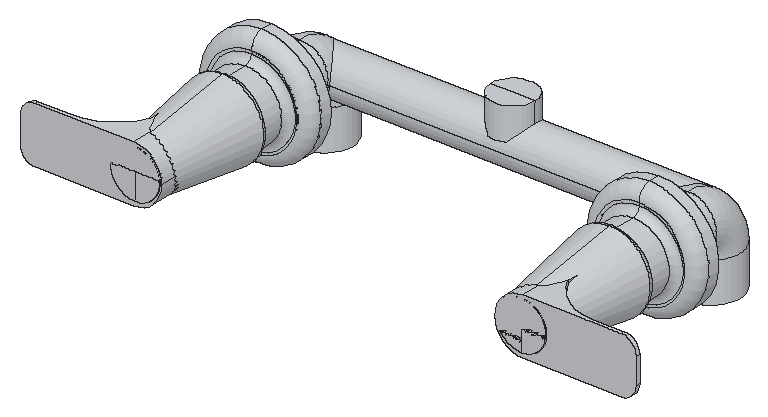
Revit family "CA4060001_Mezclador Ducha Cascade 8 pulgadas palanca", category Plumbing Fixtures, Revit 2019
Family settings
  Round Connector Dimension = Use Diameter
  Part Type = Normal
  OmniClass Number = 23.21.21.19
  OmniClass Title = Commercial Dishwasher Equipment
  Work Plane-Based = No
  Always vertical = Yes
  Cut with Voids When Loaded = No
  Shared = No
  Room Calculation Point = No
Parameters
  Uso = "Residencial"  # constant formula
  URL = "https://corona.co/productos/griferias/mezclador-ducha-cascade-8-pulgadas-palanca/p/CA4060001"
  Tecnologías = "DuraCrome"  # constant formula
  Resistencia = "Resistente a la corrosión pelado y decoloración por agua"  # constant formula
  Materiales = "Polímero de alta ingeniería, Metal"  # constant formula
  Material = Corona_Cromado
  Línea = "Cascade"  # constant formula
  Largo = "13.8 cm"  # constant formula
  Incluye = "Cuerpo mezclador, manijas"  # constant formula
  Garantías de otros componentes = "5 años en acabados"  # constant formula
  Garantía = "30 años en estructura"  # constant formula
  Description = "La línea de griferías y accesorios Cascade se inspira en la fluidez natural del agua. Además, cuenta con tecnología DuraCrome ¡Lee más sobre sus características!"  # constant formula
  Colección = "Cascade"  # constant formula
  Ancho = "6.5 cm"  # constant formula
  Alto = "6 cm"  # constant formula
  Acabado = "Cromado"  # constant formula
Reference planes
  plane 1 "Center (Front/Back)": y = 0
  plane 2: z = 0
  plane 3 "Center (Left/Right)": x = 0
  plane 4: x = -162.54
  plane 5: x = 162.54
  plane 6: z = 0
Forms (mm)
  Revolve 1, solid, detail levels medium+fine
    sketch origin (-102.5, 0, -21.584) x (0, 1, 0) y (0, 0, 1)
      loop
        line (0, 31.812) -> (-6.102, 31.812)
        arc (-6.102, 31.812) -> (-11.052, 29.762) -> (-13.102, 24.812) r 7
        line (-13.102, 24.812) -> (-13.102, 23.391)
        arc (-13.102, 23.391) -> (-14.273, 20.563) -> (-17.102, 19.391) r 4
        line (-17.102, 19.391) -> (-30.398, 19.391) -> (-30.398, 0.625) -> (0, 0.625) -> (0, 31.812)
      axis (0, 0.625) -> (-30.398, 0.625)
    angle from 0 to 360
  Revolve 2, solid, detail levels medium+fine
    sketch origin (-102.186, 0, 0) x (0, 1, 0) y (0, 0, 1)
      loop
        line (-30.398, -20.959) -> (-30.398, -1.294)
        arc (-30.398, -1.294) -> (-31.028, 0.138) -> (-32.51, 0.641) r 1.943
        arc (-32.51, 0.641) -> (-61.645, -2.795) -> (-90.521, -7.978) r 487.163
        line (-90.521, -7.978) -> (-90.521, -20.959) -> (-30.398, -20.959)
      axis (-30.398, -20.959) -> (-90.521, -20.959)
    angle from 0 to 360
  Extrusion 3, solid, detail levels medium+fine
    sketch origin (-2.109, 0, 0.625) x (1, 0, 0) y (0, 0, 1)
      loop
        arc (-152.756, -6.99) -> (-158.413, -9.333) -> (-160.756, -14.99) r 8
        line (-160.756, -14.99) -> (-160.756, -28.99)
        arc (-160.756, -28.99) -> (-158.413, -34.647) -> (-152.756, -36.99) r 8
        line (-152.756, -36.99) -> (-100.852, -36.99)
        arc (-100.852, -36.99) -> (-90.245, -32.597) -> (-85.852, -21.99) r 15
        arc (-85.852, -21.99) -> (-90.245, -11.383) -> (-100.852, -6.99) r 15
        line (-100.852, -6.99) -> (-152.756, -6.99)
    from 63.972 to 90.521
  Extrusion 4, void
    sketch origin (0, 0, 0) x (1, 0, 0) y (0, 1, 0)
      loop
        line (-117.589, -57.113) -> (-165.065, -57.113) -> (-163.645, -88.631) -> (-138.208, -88.631)
        arc (-138.208, -88.631) -> (-121.285, -83.489) -> (-110.083, -69.802) r 30.419
        line (-110.083, -69.802) -> (-110.083, -57.113) -> (-117.589, -57.113)
    from -46.453 to 10.149
  Revolve 5, solid, detail levels medium+fine
    sketch origin (-102.5, 0, 0.233) x (0, 1, 0) y (0, 0, 1)
      loop
        line (0, -6.88) -> (0, -20.88) -> (11.167, -20.88) -> (11.167, -6.88) -> (0, -6.88)
      axis (0, -20.88) -> (11.167, -20.88)
    angle from 0 to 360
  Sweep 6, solid, detail levels medium+fine
    path origin (0, 0, 0.109) x (0, 1, 0) y (0, 0, 1)
      loop
        line (11.167, -20.647) -> (18.838, -20.647)
        arc (18.838, -20.647) -> (30.151, -25.333) -> (34.838, -36.647) r 16
        line (34.838, -36.647) -> (34.838, -58.034)
    profile origin (0, 15.002, -20.538) x (0, 0, 1) y (1, 0, 0)
      loop
        circle (0, -102.5) r 15
  Revolve 7, solid, detail levels medium+fine
    sketch origin (102.5, 0, -21.584) x (0, 1, 0) y (0, 0, -1)
      loop
        line (0, -31.812) -> (0, -0.625) -> (-30.398, -0.625) -> (-30.398, -19.391) -> (-17.102, -19.391)
        arc (-17.102, -19.391) -> (-14.273, -20.563) -> (-13.102, -23.391) r 4
        line (-13.102, -23.391) -> (-13.102, -24.812)
        arc (-13.102, -24.812) -> (-11.052, -29.762) -> (-6.102, -31.812) r 7
        line (-6.102, -31.812) -> (0, -31.812)
      axis (0, -0.625) -> (-30.398, -0.625)
    angle from 0 to 360
  Revolve 8, solid, detail levels medium+fine
    sketch origin (102.186, 0, 0) x (0, 1, 0) y (0, 0, -1)
      loop
        line (-30.398, 20.959) -> (-90.521, 20.959) -> (-90.521, 7.978)
        arc (-90.521, 7.978) -> (-61.645, 2.795) -> (-32.51, -0.641) r 487.163
        arc (-32.51, -0.641) -> (-31.028, -0.138) -> (-30.398, 1.294) r 1.943
        line (-30.398, 1.294) -> (-30.398, 20.959)
      axis (-30.398, 20.959) -> (-90.521, 20.959)
    angle from 0 to 360
  Extrusion 9, solid, detail levels medium+fine
    sketch origin (2.109, 0, 0.625) x (-1, 0, 0) y (0, 0, -1)
      loop
        line (-152.756, 6.99) -> (-100.852, 6.99)
        arc (-100.852, 6.99) -> (-90.245, 11.383) -> (-85.852, 21.99) r 15
        arc (-85.852, 21.99) -> (-90.245, 32.597) -> (-100.852, 36.99) r 15
        line (-100.852, 36.99) -> (-152.756, 36.99)
        arc (-152.756, 36.99) -> (-158.413, 34.647) -> (-160.756, 28.99) r 8
        line (-160.756, 28.99) -> (-160.756, 14.99)
        arc (-160.756, 14.99) -> (-158.413, 9.333) -> (-152.756, 6.99) r 8
    from 63.972 to 90.521
  Revolve 10, solid, detail levels medium+fine
    sketch origin (102.5, 0, 0.233) x (0, 1, 0) y (0, 0, -1)
      loop
        line (0, 6.88) -> (11.167, 6.88) -> (11.167, 20.88) -> (0, 20.88) -> (0, 6.88)
      axis (0, 20.88) -> (11.167, 20.88)
    angle from 0 to 360
  Sweep 11, solid, detail levels medium+fine
    path origin (0, 0, 0.109) x (0, 1, 0) y (0, 0, -1)
      loop
        line (11.167, 20.647) -> (18.838, 20.647)
        arc (18.838, 20.647) -> (30.151, 25.333) -> (34.838, 36.647) r 16
        line (34.838, 36.647) -> (34.838, 58.034)
    profile origin (0, 15.002, -20.538) x (0, 0, -1) y (-1, 0, 0)
      loop
        circle (0, -102.5) r 15
  Extrusion 12, solid, detail levels medium+fine
    sketch origin (0, 0, 0) x (0, 1, 0) y (0, 0, 1)
      loop
        circle (31.39, -22.426) r 12
    from -100.937 to 99.736
  Revolve 13, solid, detail levels medium+fine
    sketch origin (0, 31.367, 0) x (1, 0, 0) y (0, 0, 1)
      loop
        line (0, 0) -> (-11.774, 0) -> (-11.774, -17.306) -> (0, -17.306) -> (0, 0)
      axis (0, 0) -> (0, -17.306)
    angle from 0 to 360
  Extrusion 14, void
    sketch origin (0, 0, 0) x (-1, 0, 0) y (0, -1, 0)
      loop
        line (-117.589, 57.113) -> (-110.083, 57.113) -> (-110.083, 69.802)
        arc (-110.083, 69.802) -> (-121.285, 83.489) -> (-138.208, 88.631) r 30.419
        line (-138.208, 88.631) -> (-163.645, 88.631) -> (-165.065, 57.113) -> (-117.589, 57.113)
    from -46.453 to 10.149
  Extrusion 15, solid, detail levels coarse
    sketch origin (0, 0, 0) x (1, 0, 0) y (0, 1, 0)
      loop
        line (-162.865, 49.479) -> (-162.865, -95.863) -> (162.865, -95.863) -> (162.865, 49.479) -> (-162.865, 49.479)
    from -57.925 to 10.792
Cuts and joins
  Extrusion 4, Extrusion 14 cuts Extrusion 3
  Extrusion 14 cuts Revolve 2
  Extrusion 14 cuts Extrusion 9
Dimensions and locks
  equal spacing: plane 4, plane 3 "Center (Left/Right)", plane 5
  plane 4 to plane 5 = 325.08 mm
  aligned and locked: level to plane 2
  aligned and locked: Extrusion 3 to Revolve 2
  aligned and locked: Sweep 6 to Revolve 5
  aligned and locked: Revolve 8 to Extrusion 9
  aligned and locked: Revolve 10 to Sweep 11
  aligned and locked: level to plane 6
Automatic sketch dimensions
  Revolve 1 sketch curve to plane 1 "Center (Front/Back)" = 0 mm
  plane 1 "Center (Front/Back)" to Revolve 1 sketch curve = 6.102 mm
  level to Revolve 1 sketch curve = 1.807 mm
  Revolve 1 sketch curve to Revolve 1 sketch curve = 7 mm
  Revolve 1 sketch curve to Revolve 1 sketch curve = 4 mm
  Revolve 1 sketch curve to Revolve 1 sketch curve = 13.296 mm
  Revolve 1 sketch curve to level = 20.959 mm
  Revolve 1 sketch curve to Revolve 1 sketch curve = 1.421 mm
  Revolve 1 sketch curve to Revolve 1 sketch curve = 12.153 mm
  Revolve 1 sketch curve to plane 1 "Center (Front/Back)" = 3.856 mm
  Revolve 1 sketch curve to Revolve 1 sketch curve = 0 mm
  Revolve 2 sketch curve to level = 20.959 mm
  plane 1 "Center (Front/Back)" to Revolve 2 sketch curve = 90.521 mm
  Revolve 2 sketch curve to level = 1.294 mm
  plane 1 "Center (Front/Back)" to Revolve 2 sketch curve = 32.341 mm
  Revolve 2 sketch curve to Revolve 2 sketch curve = 1.943 mm
  Revolve 2 sketch curve to plane 1 "Center (Front/Back)" = 9.949 mm
  Revolve 2 sketch curve to Revolve 2 sketch curve = 463.709 mm
  Revolve 2 sketch curve to level = 7.978 mm
  Revolve 2 sketch curve to Revolve 2 sketch curve = 14.498 mm
  Revolve 2 sketch curve to Revolve 2 sketch curve = 7.05 mm
  Revolve 2 sketch curve to Revolve 2 sketch curve = 0 mm
  Extrusion 3 sketch curve to Extrusion 3 sketch curve = 0 mm  (x2)
  plane 4 to Extrusion 3 sketch curve = 0.325 mm
  Extrusion 3 sketch curve to plane 4 = 7.674 mm
  Extrusion 3 sketch curve to plane 4 = 7.675 mm
  Extrusion 3 sketch curve to level = 6.365 mm
  Extrusion 3 sketch curve to Extrusion 3 sketch curve = 51.904 mm
  Extrusion 3 sketch curve to Extrusion 3 sketch curve = 15 mm
  plane 4 to Extrusion 4 sketch curve = 2.525 mm
  plane 4 to Extrusion 4 sketch curve = 1.105 mm
  Extrusion 4 sketch curve to plane 4 = 24.332 mm
  Extrusion 4 sketch curve to Extrusion 4 sketch curve = 20.619 mm
  Extrusion 4 sketch curve to Extrusion 4 sketch curve = 7.506 mm
  plane 1 "Center (Front/Back)" to Extrusion 4 sketch curve = 88.631 mm
  Extrusion 4 sketch curve to Extrusion 4 sketch curve = 18.829 mm
  Extrusion 4 sketch curve to Extrusion 4 sketch curve = 12.689 mm
  Revolve 5 sketch curve to plane 1 "Center (Front/Back)" = 0 mm
  Revolve 5 sketch curve to plane 1 "Center (Front/Back)" = 11.167 mm
  Revolve 5 sketch curve to level = 20.647 mm
  Revolve 5 sketch curve to level = 6.647 mm
  Revolve 5 sketch curve to plane 1 "Center (Front/Back)" = 3.055 mm
  Revolve 5 sketch curve to Revolve 5 sketch curve = 6.888 mm
  Revolve 5 sketch curve to Revolve 5 sketch curve = 0 mm
  Sweep 6 sketch curve to plane 1 "Center (Front/Back)" = 18.838 mm
  Sweep 6 sketch curve to Sweep 6 sketch curve = 16 mm
  Sweep 6 sketch curve to level = 36.538 mm
  Sweep 6 sketch curve to Sweep 6 sketch curve = 7.67 mm
  Sweep 6 sketch curve to Sweep 6 sketch curve = 21.387 mm
  Sweep 6 sketch curve to profile plane = 0 mm
  Sweep 6 sketch curve to plane 3 "Center (Left/Right)" = 102.5 mm
  Revolve 7 sketch curve to plane 1 "Center (Front/Back)" = 0 mm
  plane 1 "Center (Front/Back)" to Revolve 7 sketch curve = 6.102 mm
  level to Revolve 7 sketch curve = 1.807 mm
  Revolve 7 sketch curve to Revolve 7 sketch curve = 7 mm
  Revolve 7 sketch curve to Revolve 7 sketch curve = 4 mm
  Revolve 7 sketch curve to Revolve 7 sketch curve = 13.296 mm
  Revolve 7 sketch curve to Revolve 7 sketch curve = 1.421 mm
  Revolve 7 sketch curve to level = 20.959 mm
  Revolve 7 sketch curve to Revolve 7 sketch curve = 12.153 mm
  Revolve 7 sketch curve to plane 1 "Center (Front/Back)" = 3.856 mm
  Revolve 7 sketch curve to Revolve 7 sketch curve = 0 mm
  Revolve 8 sketch curve to level = 20.959 mm
  plane 1 "Center (Front/Back)" to Revolve 8 sketch curve = 90.521 mm
  Revolve 8 sketch curve to level = 1.294 mm
  plane 1 "Center (Front/Back)" to Revolve 8 sketch curve = 32.341 mm
  Revolve 8 sketch curve to Revolve 8 sketch curve = 1.943 mm
  Revolve 8 sketch curve to plane 1 "Center (Front/Back)" = 9.949 mm
  Revolve 8 sketch curve to level = 7.978 mm
  Revolve 8 sketch curve to Revolve 8 sketch curve = 463.709 mm
  Revolve 8 sketch curve to Revolve 8 sketch curve = 14.498 mm
  Revolve 8 sketch curve to Revolve 8 sketch curve = 7.05 mm
  Revolve 8 sketch curve to Revolve 8 sketch curve = 0 mm
  Extrusion 9 sketch curve to Extrusion 9 sketch curve = 0 mm  (x2)
  Extrusion 9 sketch curve to plane 5 = 0.325 mm
  plane 5 to Extrusion 9 sketch curve = 7.674 mm
  plane 5 to Extrusion 9 sketch curve = 7.675 mm
  level to Extrusion 9 sketch curve = 6.365 mm
  Extrusion 9 sketch curve to Extrusion 9 sketch curve = 51.904 mm
  Extrusion 9 sketch curve to Extrusion 9 sketch curve = 15 mm
  Revolve 10 sketch curve to plane 1 "Center (Front/Back)" = 0 mm
  Revolve 10 sketch curve to plane 1 "Center (Front/Back)" = 11.167 mm
  Revolve 10 sketch curve to level = 6.647 mm
  Revolve 10 sketch curve to Revolve 10 sketch curve = 14 mm
  Revolve 10 sketch curve to plane 1 "Center (Front/Back)" = 3.055 mm
  Revolve 10 sketch curve to Revolve 10 sketch curve = 6.888 mm
  Revolve 10 sketch curve to Revolve 10 sketch curve = 0 mm
  Sweep 11 sketch curve to plane 1 "Center (Front/Back)" = 18.838 mm
  Sweep 11 sketch curve to Sweep 11 sketch curve = 16 mm
  Sweep 11 sketch curve to level = 20.538 mm
  Sweep 11 sketch curve to Sweep 11 sketch curve = 7.67 mm
  Sweep 11 sketch curve to Sweep 11 sketch curve = 21.387 mm
  Sweep 11 sketch curve to profile plane = 0 mm
  Sweep 11 sketch curve to profile plane = 102.5 mm
  Extrusion 12 sketch curve to plane 1 "Center (Front/Back)" = 31.39 mm
  Extrusion 12 sketch curve to level = 22.426 mm
  Revolve 13 sketch curve to level = 0 mm
  Revolve 13 sketch curve to plane 3 "Center (Left/Right)" = 0 mm  (x2)
  Revolve 13 sketch curve to plane 3 "Center (Left/Right)" = 11.774 mm
  Revolve 13 sketch curve to level = 17.306 mm
  Revolve 13 sketch curve to Revolve 13 sketch curve = 8.186 mm
  level to Revolve 13 sketch curve = 11.847 mm
  Extrusion 14 sketch curve to plane 5 = 2.525 mm
  Extrusion 14 sketch curve to plane 5 = 1.105 mm
  plane 5 to Extrusion 14 sketch curve = 24.332 mm
  Extrusion 14 sketch curve to Extrusion 14 sketch curve = 20.619 mm
  Extrusion 14 sketch curve to Extrusion 14 sketch curve = 7.506 mm
  Extrusion 14 sketch curve to plane 1 "Center (Front/Back)" = 88.631 mm
  Extrusion 14 sketch curve to Extrusion 14 sketch curve = 18.829 mm
  Extrusion 14 sketch curve to Extrusion 14 sketch curve = 12.689 mm
  plane 4 to Extrusion 15 sketch curve = 0.325 mm
  plane 5 to Extrusion 15 sketch curve = 0.325 mm
  plane 1 "Center (Front/Back)" to Extrusion 15 sketch curve = 95.863 mm
  Extrusion 15 sketch curve to plane 1 "Center (Front/Back)" = 49.479 mm
  radius of Sweep 6 sketch curve = 15 mm
  radius of Sweep 11 sketch curve = 15 mm
  radius of Extrusion 12 sketch curve = 12 mm
Nested families
  nested 1: "Family2" at (0, 0, 0) x (1, 0, 0) z (0, -1, 0), type "Family2"
  nested 2: "Family3" at (0, 0, 0) x (0, -1, 0) z (1, 0, 0), type "Family3"
Connectors
  piping at (-102.5, 34.838, -57.925), diameter 12
    settings: on Sweep 6, index 1, connector inside diameter 609.6 mm, connector length 0 mm, flow factor 0, pipe flow 0.0 L/s, pressure drop 0.0 Pa, fitting loss kfactor 0, connector angle 0.00°, fixture units 0, engagement length 0 mm, angle of deflection 0.00°, flow configuration 0, flow direction 0, fitting loss method 0, system type 19, joint type 0, gender type 0, connector reference index -1, connector utility 0, adjustable connector no, is connector primary yes, connector description ""
  piping at (102.5, 34.838, -57.925), diameter 12
    settings: on Sweep 11, index 2, connector inside diameter 609.6 mm, connector length 0 mm, flow factor 0, pipe flow 0.0 L/s, pressure drop 0.0 Pa, fitting loss kfactor 0, connector angle 0.00°, fixture units 0, engagement length 0 mm, angle of deflection 0.00°, flow configuration 0, flow direction 0, fitting loss method 0, system type 20, joint type 0, gender type 0, connector reference index -1, connector utility 0, adjustable connector no, is connector primary no, connector description ""
Definition of nested family "Family2"
  Reference planes
    plane 1 "Center (Front/Back)": y = 0
    plane 2: z = 0
    plane 3 "Center (Left/Right)": x = 0
Definition of nested family "Family3"
  Reference planes
    plane 1 "Center (Front/Back)": y = 0
    plane 2: z = 0
    plane 3 "Center (Left/Right)": x = 0
